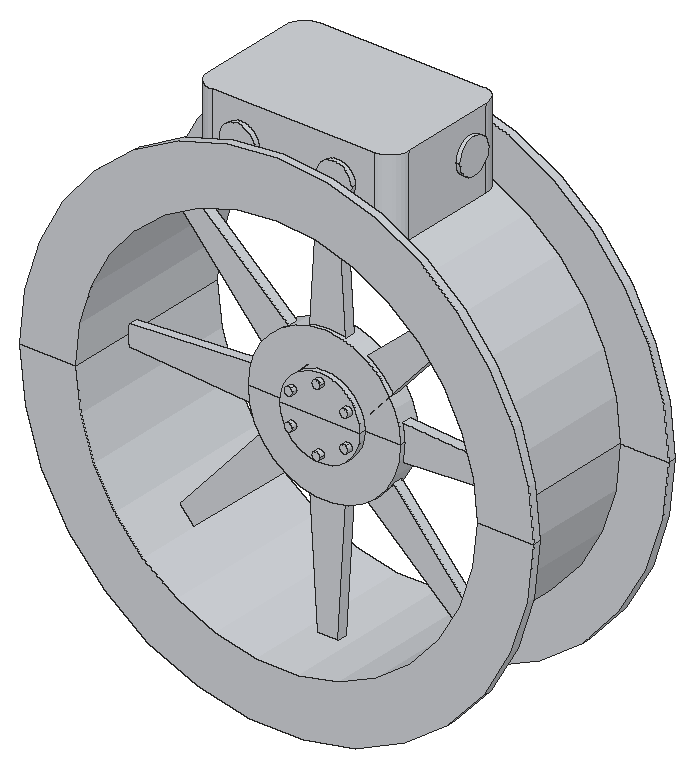
Revit family "CADS_Vent-Axia_MechEquip_Fan_ESC_3Ph4P - SUPPLY", category Mechanical Equipment, Revit 2020
Family settings
  Round Connector Dimension = Use Diameter
  Part Type = Normal
  OmniClass Number = 23.75.00.00
  OmniClass Title = Climate Control (HVAC)
  Work Plane-Based = No
  Always vertical = Yes
  Cut with Voids When Loaded = No
  Shared = No
  Room Calculation Point = No
Parameters (values of type "ESC25034")
  WorkingPressure = 0.0 Pa
  WarrantyStartDate [instance] = "1900-12-31T23:59:59"
  WarrantyPeriod = ""
  WarrantyIdentifier = "N/A"
  WarrantyGuarantorParts = "tech@vent-axia.com"
  WarrantyGuarantorLabor = "tech@vent-axia.com"
  WarrantyGuarantor = "Vent-Axia Limited"
  WarrantyEndDate [instance] = "1900-12-31T23:59:59"
  WarrantyContent = ""
  TemperatureRange = ""
  TagNumber [instance] = "N/A"
  SustainabilityPerformance = ""
  Status = "New"
  Size = ""
  Shape = ""
  ServiceLifeType = ""
  ServiceLifeDuration = ""
  SerialNumber [instance] = "N/A"
  ReplacementCost = ""
  RatedVoltage = 0 V
  RatedCurrent = 0 A
  Quantity = 1
  ProductionYear = ""
  PressureCurve = ""
  PowerFactor = ""
  PointOfContact = ""
  NumberOfPoles = 0
  NominalWidth = 250 mm
  NominalLength = 110 mm
  NominalHeight = 250 mm
  NominalFrequencyRange = ""
  NominalDiameter = 250 mm
  ModelReference = "SHORT CASED AXIAL FAN 250DIA 3PH 4 POLE"
  ModelNumber = "ESC25034"
  Material = ""
  ManufacturerE-Mail = "tech@vent-axia.com"
  ManufacturerAddress = "Fleming Way\nCrawley \nRH10 9YX"
  IsExtendedWarranty = no
  InsulationStandardClass = ""
  InstallationDate [instance] = "1900-12-31T23:59:59"
  IfcExportType [instance] = ""
  IfcExportAs = "IfcFanType"
  IP_Code = ""
  HasProtectiveEarth = no
  GrossWeight = 0.00 kg
  Grade = ""
  GlobalTradeItemNumber [instance] = "N/A"
  Fitting Type = "Ignore"
  Finish = ""
  Features = ""
  ExteriorInsulation = no
  ExpectedServiceLife = 0
  Exclusions = ""
  DurationUnit = "Year"
  Default Elevation = 0 mm
  Constituents = ""
  ConductorFunction = ""
  Color = ""
  CodePerformance = ""
  Category = ""
  CADS_Usage = 0
  CADS_Index = 0
  AssetType = "FIXED"
  AssetIdentifier [instance] = "N/A"
  AssemblyPlace = "UNKNOWN"
  ArticleNumber [instance] = "N/A"
  AirflowRateRange = 0.0 L/s
  Air Flow [instance] = 0.0 L/s
  AccessibilityPerformance = ""
Types (10, lengths in mm): name | NominalWidth | NominalLength | NominalHeight | NominalDiameter | ModelReference | ModelNumber
  ESC25034 | 250 | 110 | 250 | 250 | "SHORT CASED AXIAL FAN 250DIA 3PH 4 POLE" | "ESC25034"
  ESC31534 | 315 | 135 | 315 | 315 | "SHORT CASED AXIAL FAN 315DIA 3PH 4 POLE" | "ESC31534"
  ESC35534 | 355 | 135 | 355 | 355 | "SHORT CASED AXIAL FAN 355DIA 3PH 4 POLE" | "ESC35534"
  ESC40034 | 400 | 155 | 400 | 400 | "SHORT CASED AXIAL FAN 400DIA 3PH 4 POLE" | "ESC40034"
  ESC45034 | 450 | 160 | 450 | 450 | "SHORT CASED AXIAL FAN 450DIA 3PH 4 POLE" | "ESC45034"
  ESC50034 | 500 | 166 | 500 | 500 | "SHORT CASED AXIAL FAN 500DIA 3PH 4 POLE" | "ESC50034"
  ESC56034B | 560 | 210 | 560 | 560 | "560MM 3PH 4P CASED FAN FC056-4DF.4I.A7 169495" | "ESC56034B"
  ESC63034 | 630 | 220 | 630 | 630 | "SHORT CASED AXIAL FAN 630DIA 3PH 4 POLE" | "ESC63034"
  ESC71034 | 710 | 260 | 710 | 710 | "SHORT CASED AXIAL FAN 710DIA 3PH 4 POLE" | "ESC71034"
  ESC80034 | 800 | 280 | 800 | 800 | "SHORT CASED AXIAL FAN 800DIA 3PH 4 POLE" | "ESC80034"
Reference planes
  plane 1 "Center (Front/Back)": y = 0
  plane 2: z = 0
  plane 3 "Center (Left/Right)": x = 0
  plane 4: x = -125
  plane 5: x = 125
  plane 6 "F": y = -55
  plane 7 "B": y = 55
  plane 8: x = -160
  plane 9: y = 50
  plane 10: y = -50
  plane 11: x = -130
  plane 12: y = -15
  plane 13 "top": z = 125
  plane 14: z = -125
Forms (mm)
  Revolve 1, solid
    sketch origin (0, 0, 0) x (1, 0, 0) y (0, 1, 0)
      loop
        line (-160, -55) -> (-125, -55) -> (-125, 55) -> (-160, 55) -> (-160, 50) -> (-130, 50) -> (-130, -50) -> (-160, -50) -> (-160, -55)
      axis (0, 55) -> (0, -55)
    angle from 0 to 360
Dimensions and locks
  equal spacing: plane 4, plane 3 "Center (Left/Right)", plane 5
  equal spacing: plane 7 "B", plane 1 "Center (Front/Back)", plane 6 "F"
  "NominalLength": plane 7 "B" to plane 6 "F"
  "NominalDiameter": plane 4 to plane 5
  locked: plane 11 to plane 4 at 5
  locked: plane 8 to plane 11 at 30
  locked: plane 6 "F" to plane 10 at 5
  locked: plane 7 "B" to plane 9 at 5
  locked: plane 6 "F" to plane 12 at 40
  equal spacing: plane 13 "top", level, plane 14
  "NominalDiameter": plane 13 "top" to plane 14
  aligned and locked: level to plane 2
  aligned and locked: nested 1 to plane 12
  aligned and locked: plane 1 "Center (Front/Back)" to nested 16
  aligned and locked: plane 3 "Center (Left/Right)" to nested 16
Automatic sketch dimensions
  plane 6 "F" to Revolve 1 sketch curve = 0 mm
  Revolve 1 sketch curve to plane 8 = 0 mm  (x2)
  plane 10 to Revolve 1 sketch curve = 0 mm
  Revolve 1 sketch curve to plane 11 = 0 mm
  Revolve 1 sketch curve to plane 4 = 0 mm
  Revolve 1 sketch curve to plane 3 "Center (Left/Right)" = 0 mm
  plane 1 "Center (Front/Back)" to Revolve 1 sketch curve = 0 mm
  Revolve 1 sketch curve to plane 9 = 0 mm
  Revolve 1 sketch curve to plane 7 "B" = 0 mm
  plane 6 "F" to Revolve 1 sketch curve = 115 mm
Nested families
  nested 1: "Fan for ESC" at (0, -15, 0), ND <- "NominalDiameter", type "Fan for ESC"
    with hub 25 mm, ND 250 mm, BoltPCD 20 mm, Bolt Count 6, B_Diam 5 mm
  nested 2: "Bolts" at (17.321, -24.172, -10) x (-0.5, 0, -0.866) z (0, 1, 0), type "Bolts"
    with bd 5 mm
  nested 3: "Bolts" at (0, -24.172, -20) x (-1, 0, 0) z (0, 1, 0), type "Bolts"
    with bd 5 mm
  nested 4: "Bolts" at (-17.321, -24.172, -10) x (-0.5, 0, 0.866) z (0, 1, 0), type "Bolts"
    with bd 5 mm
  nested 5: "Bolts" at (-17.321, -24.172, 10) x (0.5, 0, 0.866) z (0, 1, 0), type "Bolts"
    with bd 5 mm
  nested 6: "Bolts" at (17.321, -24.172, 10) x (0.5, 0, -0.866) z (0, 1, 0), type "Bolts"
    with bd 5 mm
  nested 7: "Bolts" at (0, -24.172, 20) x (1, 0, 0) z (0, 1, 0), type "Bolts"
    with bd 5 mm
  nested 8: "ESC Blade" at (0, -15, 0), type "ESC Blade"
    with a 20.00°, HR 25 mm, HD 50 mm, BT 12.5 mm, BR 100 mm, BH 40 mm, BD 250 mm, BB 25 mm
  nested 9: "ESC Blade" at (0, -15, 0) x (0.7071, 0, -0.7071) z (0.7071, 0, 0.7071), type "ESC Blade"
    with a 20.00°, HR 25 mm, HD 50 mm, BT 12.5 mm, BR 100 mm, BH 40 mm, BD 250 mm, BB 25 mm
  nested 10: "ESC Blade" at (0, -15, 0) x (0, 0, -1) z (1, 0, 0), type "ESC Blade"
    with a 20.00°, HR 25 mm, HD 50 mm, BT 12.5 mm, BR 100 mm, BH 40 mm, BD 250 mm, BB 25 mm
  nested 11: "ESC Blade" at (0, -15, 0) x (-0.7071, 0, -0.7071) z (0.7071, 0, -0.7071), type "ESC Blade"
    with a 20.00°, HR 25 mm, HD 50 mm, BT 12.5 mm, BR 100 mm, BH 40 mm, BD 250 mm, BB 25 mm
  nested 12: "ESC Blade" at (0, -15, 0) x (-1, 0, 0) z (0, 0, -1), type "ESC Blade"
    with a 20.00°, HR 25 mm, HD 50 mm, BT 12.5 mm, BR 100 mm, BH 40 mm, BD 250 mm, BB 25 mm
  nested 13: "ESC Blade" at (0, -15, 0) x (-0.7071, 0, -0.7071) z (-0.7071, 0, 0.7071), type "ESC Blade"
    with a 20.00°, HR 25 mm, HD 50 mm, BT 12.5 mm, BR 100 mm, BH 40 mm, BD 250 mm, BB 25 mm
  nested 14: "ESC Blade" at (0, -15, 0) x (0, 0, -1) z (-1, 0, 0), type "ESC Blade"
    with a 20.00°, HR 25 mm, HD 50 mm, BT 12.5 mm, BR 100 mm, BH 40 mm, BD 250 mm, BB 25 mm
  nested 15: "ESC Blade" at (0, -15, 0) x (0.7071, 0, -0.7071) z (-0.7071, 0, -0.7071), type "ESC Blade"
    with a 20.00°, HR 25 mm, HD 50 mm, BT 12.5 mm, BR 100 mm, BH 40 mm, BD 250 mm, BB 25 mm
  nested 16: "Electrical Connection Box" at (0, 0, 125), type "125x84"
Connectors
  hvac at (0, -55, 0), driven by "NominalDiameter", driven by "Air Flow"
    settings: on Revolve 1, index 1, duct flow 0.0 L/s, flow factor 0, pres drop 0.0 Pa, loss coef 0, conn angle 0.00°, conn width 304.8 mm, conn height 304.8 mm, conn diameter 250 mm, duct sys type 1, conn prof type 0, flow config 1, flow direction 1, loss method 0, conn ref index -1, conn util no, is conn primary yes, conn desc ""
  hvac at (0, 55, 0), driven by "NominalDiameter", driven by "Air Flow"
    settings: on Revolve 1, index 2, duct flow 0.0 L/s, flow factor 0, pres drop 0.0 Pa, loss coef 0, conn angle 0.00°, conn width 304.8 mm, conn height 304.8 mm, conn diameter 250 mm, duct sys type 1, conn prof type 0, flow config 0, flow direction 2, loss method 0, conn ref index -1, conn util no, is conn primary no, conn desc ""
Definition of nested family "Fan for ESC"
  Parameters (values of type "Fan for ESC")
    hub [instance] = ND / 10  # 56.7 mm
    ND [instance] = 567 mm
    Model = "."
    Default Elevation = 0 mm
    BoltPCD [instance] = hub - (hub * 0.2)  # 45.36 mm
    Bolt Count [instance] = if(hub < 50 mm, 6, 8)  # 8
    B_Diam [instance] = if(hub < 50 mm, 5 mm, 10 mm)  # 10 mm
  Reference planes
    plane 1 "Center (Front/Back)": y = 0
    plane 2: z = 0
    plane 3 "Center (Left/Right)": x = 0
    plane 4 "back": y = 20
    plane 5 "bolts": y = -9.172
    plane 6 "B": z = 56.7
    plane 7: x = -79.287
    plane 8: x = -56.7
    plane 9 "hubface": y = -6.172
  Forms (mm)
    Revolve 1, solid
      sketch origin (0, 0, 0) x (1, 0, 0) y (0, 1, 0)
        loop
          line (0, 20) -> (-56.7, 20) -> (-56.7, 10.504) -> (-79.287, 10.504) -> (-79.287, -2.597) -> (-56.7, -2.597) -> (-56.7, -6.172) -> (0, -6.172) -> (0, 20)
        axis (0, 20) -> (0, -6.172)
      angle from 0 to 360
    Extrusion 2, solid, not visible
      sketch origin (0, -6.347, -4) x (-1, 0, 0) y (0, 0, 1)
        loop
          circle (0, 84) r 5
      from 0 to 3
  Lines and regions (mm)
    symbolic lines
      curve 1: circle (0, -9.172, 0) r 45.36 normal (0, 1, 0)
    model lines, not visible
      curve 2: line (0, -6.347, 85) -> (0, -6.347, 75)
  Dimensions and locks
    "hub": plane 6 "B" to plane 2
    "hub": nested 3 to plane 3 "Center (Left/Right)"
    "hub": nested 4 to plane 3 "Center (Left/Right)"
    "hub": nested 5 to plane 3 "Center (Left/Right)"
    "hub": plane 3 "Center (Left/Right)" to nested 6
    "hub": Revolve 1 sketch curve to Revolve 1 sketch curve
    "hub": plane 3 "Center (Left/Right)" to nested 7
    "hub": plane 3 "Center (Left/Right)" to nested 8
    "hub": plane 3 "Center (Left/Right)" to nested 9
    "hub": plane 8 to plane 3 "Center (Left/Right)"
    plane 7 to plane 8 = 22.587 mm
    diameter of Extrusion 2 sketch curve = 10 mm
    "BoltPCD": radius of curve 1
    "BoltPCD": radius of radial array
    aligned and locked: level to plane 2
    aligned and locked: plane 6 "B" to nested 1
  Automatic sketch dimensions
    Revolve 1 sketch curve to plane 7 = 0 mm
    Revolve 1 sketch curve to plane 8 = 0 mm  (x2)
    Revolve 1 sketch curve to plane 3 "Center (Left/Right)" = 0 mm
    Revolve 1 sketch curve to plane 9 "hubface" = 0 mm
    plane 4 "back" to Revolve 1 sketch curve = 0 mm
    plane 1 "Center (Front/Back)" to Revolve 1 sketch curve = 2.597 mm
    plane 4 "back" to Revolve 1 sketch curve = 9.496 mm
    Revolve 1 sketch curve to Revolve 1 sketch curve = 5 mm
    Revolve 1 sketch curve to plane 4 "back" = 45 mm
    curve 1 to level = 0 mm
    curve 1 to plane 3 "Center (Left/Right)" = 0 mm
  Nested families
    nested 1: "ESC Blade" at (0, 0, 0), BD <- "ND", HD <- "hub", type "ESC Blade"
      with a 20.00°, HR 56.7 mm, HD 113.4 mm, BT 28.35 mm, BR 226.8 mm, BH 40 mm, BD 567 mm, BB 56.7 mm
    nested 2: "ESC Blade" at (0, 0, 755), BD <- "ND", HD <- "hub", type "ESC Blade", not visible
      with a 20.00°, HR 56.7 mm, HD 113.4 mm, BT 28.35 mm, BR 226.8 mm, BH 40 mm, BD 567 mm, BB 56.7 mm
    nested 3: "ESC Blade" at (0, 0, 0) x (0.7071, 0, -0.7071) z (0.7071, 0, 0.7071), BD <- "ND", HD <- "hub", type "ESC Blade"
      with a 20.00°, HR 56.7 mm, HD 113.4 mm, BT 28.35 mm, BR 226.8 mm, BH 40 mm, BD 567 mm, BB 56.7 mm
    nested 4: "ESC Blade" at (0, 0, 0) x (0, 0, -1) z (1, 0, 0), BD <- "ND", HD <- "hub", type "ESC Blade"
      with a 20.00°, HR 56.7 mm, HD 113.4 mm, BT 28.35 mm, BR 226.8 mm, BH 40 mm, BD 567 mm, BB 56.7 mm
    nested 5: "ESC Blade" at (0, 0, 0) x (-0.7071, 0, -0.7071) z (0.7071, 0, -0.7071), BD <- "ND", HD <- "hub", type "ESC Blade"
      with a 20.00°, HR 56.7 mm, HD 113.4 mm, BT 28.35 mm, BR 226.8 mm, BH 40 mm, BD 567 mm, BB 56.7 mm
    nested 6: "ESC Blade" at (0, 0, 0) x (-1, 0, 0) z (0, 0, -1), BD <- "ND", HD <- "hub", type "ESC Blade"
      with a 20.00°, HR 56.7 mm, HD 113.4 mm, BT 28.35 mm, BR 226.8 mm, BH 40 mm, BD 567 mm, BB 56.7 mm
    nested 7: "ESC Blade" at (0, 0, 0) x (-0.7071, 0, -0.7071) z (-0.7071, 0, 0.7071), BD <- "ND", HD <- "hub", type "ESC Blade"
      with a 20.00°, HR 56.7 mm, HD 113.4 mm, BT 28.35 mm, BR 226.8 mm, BH 40 mm, BD 567 mm, BB 56.7 mm
    nested 8: "ESC Blade" at (0, 0, 0) x (0, 0, -1) z (-1, 0, 0), BD <- "ND", HD <- "hub", type "ESC Blade"
      with a 20.00°, HR 56.7 mm, HD 113.4 mm, BT 28.35 mm, BR 226.8 mm, BH 40 mm, BD 567 mm, BB 56.7 mm
    nested 9: "ESC Blade" at (0, 0, 0) x (0.7071, 0, -0.7071) z (-0.7071, 0, -0.7071), BD <- "ND", HD <- "hub", type "ESC Blade"
      with a 20.00°, HR 56.7 mm, HD 113.4 mm, BT 28.35 mm, BR 226.8 mm, BH 40 mm, BD 567 mm, BB 56.7 mm
    nested 10: "Bolts" at (0, -9.172, 45.36) x (1, 0, 0) z (0, 1, 0), bd <- "B_Diam", type "Bolts"
      with bd 10 mm
    nested 11: "Bolts" at (32.074, -9.172, 32.074) x (0.7071, 0, -0.7071) z (0, 1, 0), bd <- "B_Diam", type "Bolts"
      with bd 10 mm
    nested 12: "Bolts" at (-32.074, -9.172, 32.074) x (0.7071, 0, 0.7071) z (0, 1, 0), bd <- "B_Diam", type "Bolts"
      with bd 10 mm
    nested 13: "Bolts" at (-45.36, -9.172, 0) x (0, 0, 1) z (0, 1, 0), bd <- "B_Diam", type "Bolts"
      with bd 10 mm
    nested 14: "Bolts" at (-32.074, -9.172, -32.074) x (-0.7071, 0, 0.7071) z (0, 1, 0), bd <- "B_Diam", type "Bolts"
      with bd 10 mm
    nested 15: "Bolts" at (0, -9.172, -45.36) x (-1, 0, 0) z (0, 1, 0), bd <- "B_Diam", type "Bolts"
      with bd 10 mm
    nested 16: "Bolts" at (32.074, -9.172, -32.074) x (-0.7071, 0, -0.7071) z (0, 1, 0), bd <- "B_Diam", type "Bolts"
      with bd 10 mm
    nested 17: "Bolts" at (45.36, -9.172, 0) x (0, 0, -1) z (0, 1, 0), bd <- "B_Diam", type "Bolts"
      with bd 10 mm
  Definition of nested family "ESC Blade"
    Parameters (values of type "ESC Blade")
      a [instance] = 20.00°
      HR [instance] = HD / 2  # 30 mm
      HD [instance] = BD / 5  # 60 mm
      Default Elevation = 1219.2 mm
      BT [instance] = BD / 20  # 15 mm
      BR [instance] = (BD / 2) - HR  # 120 mm
      BH [instance] = 40 mm
      BD [instance] = 300 mm
      BB [instance] = BD / 10  # 30 mm
    Reference planes
      plane 1 "Center (Front/Back)": y = 0
      plane 2: z = 0
      plane 3 "Center (Left/Right)": x = 0
      plane 4 "Blade Bot": z = 30
      plane 5: x = -15
      plane 6: x = 15
      plane 7: x = -7.5
      plane 8: x = 7.5
    Forms (mm)
      Blend 1, solid
        base sketch origin (0, 0, 30) x (-1, 0, 0) y (0, -1, 0)
          loop
            line (15, 0) -> (-15, 0) -> (-15, -6) -> (15, -6) -> (15, 0)
        top sketch origin (0, 0, 30) x (-1, 0, 0) y (0, -1, 0)
          loop
            line (7.5, -6) -> (7.5, 0) -> (-7.5, 0) -> (-7.5, -6) -> (7.5, -6)
        from 0 to 120 <- "BR"
    Dimensions and locks
      "HR": plane 4 "Blade Bot" to level
      equal spacing: plane 8, plane 3 "Center (Left/Right)", plane 7
      "BT": plane 8 to plane 7
      equal spacing: plane 6, plane 3 "Center (Left/Right)", plane 5
      "BB": plane 6 to plane 5
      aligned and locked: level to plane 2
    Automatic sketch dimensions
      plane 1 "Center (Front/Back)" to Blend 1 sketch curve = 0 mm  (x2)
      Blend 1 sketch curve to plane 6 = 0 mm
      Blend 1 sketch curve to plane 5 = 0 mm
      Blend 1 sketch curve to plane 1 "Center (Front/Back)" = 6 mm  (x2)
      Blend 1 sketch curve to plane 8 = 0 mm
      Blend 1 sketch curve to plane 7 = 0 mm
  Definition of nested family "Bolts"
    Parameters
      bd [instance] = 10 mm
      Default Elevation = 1219.2 mm
    Reference planes
      plane 1 "Center (Front/Back)": y = 0
      plane 2: z = 0
      plane 3 "Center (Left/Right)": x = 0
    Forms (mm)
      Extrusion 1, solid
        sketch origin (0, 0, 0) x (1, 0, 0) y (0, 1, 0)
          loop
            line (-1219.2, 1219.2) -> (-1219.2, -1219.2) -> (1219.2, -1219.2) -> (1219.2, 1219.2) -> (-1219.2, 1219.2)
        from 0 to -304.8
      Extrusion 2, solid
        sketch origin (0, 0, 0) x (1, 0, 0) y (0, 1, 0)
          loop
            circle (0, 0) r 5
        from 0 to 3
    Dimensions and locks
      "bd": diameter of Extrusion 2 sketch curve
      aligned and locked: plane 2 to Extrusion 1
      aligned and locked: level to Extrusion 1
    Automatic sketch dimensions
      Extrusion 1 sketch curve to Extrusion 1 sketch curve = 2438.4 mm  (x2)
      plane 1 "Center (Front/Back)" to Extrusion 2 sketch curve = 0 mm
      Extrusion 2 sketch curve to plane 3 "Center (Left/Right)" = 0 mm
Definition of nested family "Bolts"
  Parameters
    bd [instance] = 10 mm
    Default Elevation = 1219.2 mm
  Reference planes
    plane 1 "Center (Front/Back)": y = 0
    plane 2: z = 0
    plane 3 "Center (Left/Right)": x = 0
  Forms (mm)
    Extrusion 1, solid
      sketch origin (0, 0, 0) x (1, 0, 0) y (0, 1, 0)
        loop
          line (-1219.2, 1219.2) -> (-1219.2, -1219.2) -> (1219.2, -1219.2) -> (1219.2, 1219.2) -> (-1219.2, 1219.2)
      from 0 to -304.8
    Extrusion 2, solid
      sketch origin (0, 0, 0) x (1, 0, 0) y (0, 1, 0)
        loop
          circle (0, 0) r 5
      from 0 to 3
  Dimensions and locks
    "bd": diameter of Extrusion 2 sketch curve
    aligned and locked: plane 2 to Extrusion 1
    aligned and locked: level to Extrusion 1
  Automatic sketch dimensions
    Extrusion 1 sketch curve to Extrusion 1 sketch curve = 2438.4 mm  (x2)
    plane 1 "Center (Front/Back)" to Extrusion 2 sketch curve = 0 mm
    Extrusion 2 sketch curve to plane 3 "Center (Left/Right)" = 0 mm
Definition of nested family "ESC Blade"
  Parameters (values of type "ESC Blade")
    a [instance] = 20.00°
    HR [instance] = HD / 2  # 30 mm
    HD [instance] = BD / 5  # 60 mm
    Default Elevation = 1219.2 mm
    BT [instance] = BD / 20  # 15 mm
    BR [instance] = (BD / 2) - HR  # 120 mm
    BH [instance] = 40 mm
    BD [instance] = 300 mm
    BB [instance] = BD / 10  # 30 mm
  Reference planes
    plane 1 "Center (Front/Back)": y = 0
    plane 2: z = 0
    plane 3 "Center (Left/Right)": x = 0
    plane 4 "Blade Bot": z = 30
    plane 5: x = -15
    plane 6: x = 15
    plane 7: x = -7.5
    plane 8: x = 7.5
  Forms (mm)
    Blend 1, solid
      base sketch origin (0, 0, 30) x (-1, 0, 0) y (0, -1, 0)
        loop
          line (15, 0) -> (-15, 0) -> (-15, -6) -> (15, -6) -> (15, 0)
      top sketch origin (0, 0, 30) x (-1, 0, 0) y (0, -1, 0)
        loop
          line (7.5, -6) -> (7.5, 0) -> (-7.5, 0) -> (-7.5, -6) -> (7.5, -6)
      from 0 to 120 <- "BR"
  Dimensions and locks
    "HR": plane 4 "Blade Bot" to level
    equal spacing: plane 8, plane 3 "Center (Left/Right)", plane 7
    "BT": plane 8 to plane 7
    equal spacing: plane 6, plane 3 "Center (Left/Right)", plane 5
    "BB": plane 6 to plane 5
    aligned and locked: level to plane 2
  Automatic sketch dimensions
    plane 1 "Center (Front/Back)" to Blend 1 sketch curve = 0 mm  (x2)
    Blend 1 sketch curve to plane 6 = 0 mm
    Blend 1 sketch curve to plane 5 = 0 mm
    Blend 1 sketch curve to plane 1 "Center (Front/Back)" = 6 mm  (x2)
    Blend 1 sketch curve to plane 8 = 0 mm
    Blend 1 sketch curve to plane 7 = 0 mm
Definition of nested family "Electrical Connection Box"
  Parameters (values of type "125x84")
    w = 125 mm
    vis grommets = yes
    h = 50 mm
    d = 84 mm
    Default Elevation = 1219.2 mm
  Types (4, lengths in mm): name | w | vis grommets | h | d
    125x84 | 125 | yes | 50 | 84
    165x135 | 165 | no | 50 | 135
    Electrical Connection Box 2 | 165 | no | 0 | 135
    Electrical Connection Box | 125 | no | 0 | 84
  Reference planes
    plane 1 "Center (Front/Back)": y = 0
    plane 2: z = 0
    plane 3 "Center (Left/Right)": x = 0
    plane 4: y = 42
    plane 5: x = 62.5
    plane 6: x = -62.5
    plane 7: y = -42
  Forms (mm)
    Extrusion 1, solid
      sketch origin (0, 0, 0) x (1, 0, 0) y (0, 1, 0)
        loop
          line (-1219.2, 1219.2) -> (-1219.2, -1219.2) -> (1219.2, -1219.2) -> (1219.2, 1219.2) -> (-1219.2, 1219.2)
      from 0 to -304.8
    Extrusion 2, solid
      sketch origin (-62.5, -42, 0) x (1, 0, 0) y (0, 1, 0)
        loop
          arc (12, 84) -> (3.515, 80.485) -> (0, 72) r 12
          line (0, 72) -> (0, 12)
          arc (0, 12) -> (3.515, 3.515) -> (12, 0) r 12
          line (12, 0) -> (113, 0)
          arc (113, 0) -> (121.485, 3.515) -> (125, 12) r 12
          line (125, 12) -> (125, 72)
          arc (125, 72) -> (121.485, 80.485) -> (113, 84) r 12
          line (113, 84) -> (12, 84)
      from 0 to 50 <- "h"
    Extrusion 3, solid, visible <- "vis grommets"
      sketch origin (62.5, 43.228, -0.59) x (0, -1, 0) y (0, 0, -1)
        loop
          circle (26.228, -28.09) r 11
      from 0 to 3
    Extrusion 4, solid, visible <- "vis grommets"
      sketch origin (204.495, -42, 22.909) x (-1, 0, 0) y (0, 0, -1)
        loop
          circle (176.995, -4.591) r 11
      from 0 to 3
    Extrusion 5, solid, visible <- "vis grommets"
      sketch origin (144.495, -42, 22.909) x (-1, 0, 0) y (0, 0, -1)
        loop
          circle (176.995, -4.591) r 11
      from 0 to 3
  Dimensions and locks
    "w": plane 6 to plane 5
    equal spacing: plane 6, plane 3 "Center (Left/Right)", plane 5
    "d": plane 4 to plane 7
    equal spacing: plane 4, plane 1 "Center (Front/Back)", plane 7
    aligned and locked: plane 2 to Extrusion 1
    aligned and locked: level to Extrusion 1
  Automatic sketch dimensions
    Extrusion 1 sketch curve to Extrusion 1 sketch curve = 2438.4 mm  (x2)
    Extrusion 2 sketch curve to plane 6 = 0 mm
    plane 7 to Extrusion 2 sketch curve = 0 mm
    Extrusion 2 sketch curve to plane 4 = 0 mm
    Extrusion 2 sketch curve to plane 5 = 0 mm
    Extrusion 2 sketch curve to plane 6 = 12 mm
    Extrusion 2 sketch curve to plane 4 = 12 mm  (x2)
    Extrusion 2 sketch curve to plane 5 = 12 mm
    Extrusion 3 sketch curve to Extrusion 2 = 13 mm
    Extrusion 2 to Extrusion 3 sketch curve = 22.5 mm
    Extrusion 4 sketch curve to Extrusion 2 = 23 mm
    Extrusion 2 to Extrusion 4 sketch curve = 22.5 mm
    Extrusion 2 to Extrusion 5 sketch curve = 18 mm
    Extrusion 2 to Extrusion 5 sketch curve = 22.5 mm
    radius of Extrusion 3 sketch curve = 11 mm
    radius of Extrusion 4 sketch curve = 11 mm
    radius of Extrusion 5 sketch curve = 11 mm
